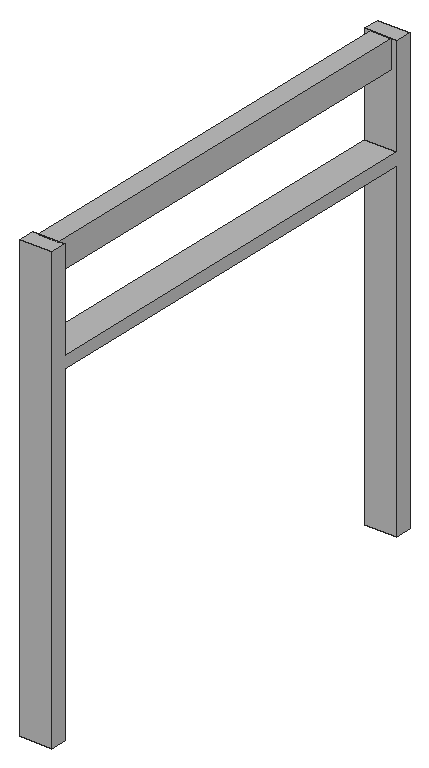
Revit family "Haworth_Worksurface_Supports", category Furniture Systems, Revit 2018
Family settings
  Round Connector Dimension = Use Diameter
  Part Type = Normal
  OmniClass Number = 23.40.70.14.64.21
  OmniClass Title = Systems Furniture
  Work Plane-Based = No
  Always vertical = Yes
  Cut with Voids When Loaded = No
  Shared = No
  Room Calculation Point = No
Parameters (values of type "Support")
  Warranty = "http://www.haworth.com/resources/product-info/warranties"
  URL - Product = "http://www.haworth.com/products/workspaces/panel-based/compose"
  Sustainability Info = "http://www.haworth.com/company-info/sustainablility"
  Support Right [instance] = and(Right Leg, or(Support Panel, Support Post_90 Degree, Support Post_45 Degree, Support P Leg, Support Column, Double Support Leg, Cantilever Bracket))  # yes
  Support Post_90 Degree = no
  Support Post_45 Degree = no
  Support Panel = not(or(Support Post_90 Degree, Support Post_45 Degree, Support P Leg, Support Column, Double Support Leg, Cantilever Bracket))  # no
  Support P Leg = no
  Support Finish = Haworth _ Paint _ Metallic Champagne
  Support Column = no
  Right Leg [instance] = yes
  No Legs [instance] = not(Right Leg)  # no
  Model = "Haworth Worksurface Supports"  # constant formula
  Min. Depth = 18"  # constant formula
  Max. Depth = 36"  # constant formula
  Height = 29"
  Width = 1 1/2"  # constant formula
  URL = "www.haworth.com"
  Support Height = Height - Table Thickness  # 27 13/16"
  Size = "Verify Final Dim. w/ Haworth"  # constant formula
  Revision Number = "1"  # constant formula
  Min. Width = 6"  # constant formula
  Max. Width = 120"  # constant formula
  Min. Height = 24"  # constant formula
  Max. Height = 48"  # constant formula
  Manufacturer = "Haworth"  # constant formula
  End Support Location = if(Support Panel, 3/4", 1 3/4")  # 1 3/4"
  Double Support Leg = yes
  Description = "Haworth - Worksurface - Supports"  # constant formula
  Depth = 30"
  Custom Size = not(and(and(not(Height > 32"), not(Height < 26")), or(Depth = 18", Depth = 24", Depth = 30"), or(Width = 24", Width = 30", Width = 36", Width = 42", Width = 48", Width = 54", Width = 60", Width = 66", Width = 72", Width = 78", Width = 84", Width = 90", Width = 96", Width = 102", Width = 108", Width = 114", Width = 120")))  # yes
  Cantilever Bracket Location = 1 3/4"  # constant formula
  Cantilever Bracket = no
  Author = "Haworth (Hampton)"  # constant formula
  Assembly Code = "E2020200"
  Actual Width = 6"  # constant formula
  Actual Height = if(Height > Max. Height, Max. Height, if(Height < Min. Height, Min. Height, Height))  # 29"
  Table Thickness = 1 3/16"  # constant formula
  Min/Max Depth = "18-36 in."  # constant formula
  Actual Depth = if(Depth > Max. Depth, Max. Depth, if(Depth < Min. Depth, Min. Depth, Depth))  # 30"
Reference planes (in)
  plane 1 "Center F/B": y = 0
  plane 2 "Floor": z = 0
  plane 3 "Center L/R": x = 0
  plane 4 "Table Edge Right": x = 6
  plane 5 "Table Edge Back": y = -15
  plane 6 "Table Edge Front": y = 15
  plane 7 "Table top": z = 29
  plane 8 "Masking Region": z = 27
Dimensions and locks (in)
  "Actual Depth": plane 6 "Table Edge Front" to plane 5 "Table Edge Back"
  "Actual Width": plane 3 "Center L/R" to plane 4 "Table Edge Right"
  equal spacing: plane 6 "Table Edge Front", plane 1 "Center F/B", plane 5 "Table Edge Back"
  "Actual Height": plane 7 "Table top" to level
  "End Support Location": nested 4 to plane 4 "Table Edge Right"
  locked: nested 2 to plane 4 "Table Edge Right" at 3
  locked: nested 2 to plane 5 "Table Edge Back" at 3
  locked: plane 6 "Table Edge Front" to nested 1 at 3
  locked: nested 1 to plane 4 "Table Edge Right" at 3
  locked: nested 3 to plane 4 "Table Edge Right" at 6
  locked: plane 7 "Table top" to plane 8 "Masking Region" at 2
  "Cantilever Bracket Location": nested 5 to plane 4 "Table Edge Right"
  aligned and locked: nested 4 to plane 1 "Center F/B"
  aligned and locked: plane 1 "Center F/B" to nested 3
  aligned and locked: plane 6 "Table Edge Front" to nested 5
  aligned: plane 4 "Table Edge Right" to nested 5
  aligned: nested 5 to plane 4 "Table Edge Right"
Nested families (in)
  nested 1: "Haworth_Worksurface-Support_Part-Leg" at (-5.5, 33.23931, 0), visible <- "Support Right", type "Support"
  nested 2: "Haworth_Worksurface-Support_Part-Leg" at (11.5, 9.23931, 0) x (-1, 0, 0) z (0, 0, 1), visible <- "Support Right", type "Support"
  nested 3: "Haworth_Worksurface-Support_Part-Round" at (0, -5.5, 0), visible <- "Support Right", type "Base"
    with Support Column no, Disc Base no
  nested 4: "Haworth_Worksurface-Support_Part-End" at (-4.25, 7.86431, 0), visible <- "Support Right", type "Support"
    with Support P Leg no, Support Double Leg yes, Back Support Location 1"
  nested 5: "Haworth_Worksurface-Support_Part-Cantilever-Compose" at (14.32813, 7.86431, 0) x (-1, 0, 0) z (0, 0, 1), visible <- "Support Right", type "Support"
    with Cantilever Bracket no
Definition of nested family "Haworth_Worksurface-Support_Part-End"
  Parameters
    Worksurface Height = 29"
    Worksurface Depth = 30"
    Warranty = ""
    URL - Product = ""
    URL = "www.haworth.com"
    Top Thickness = 1 3/16"
    Sustainability Info = ""
    Support Thickness = if(Support Panel, 1 1/2", 2")  # 2"
    Support Panel = no
    Support P Leg = yes
    Support Height = Actual Height - Top Thickness  # 27 13/16"
    Support Finish = none
    Support Double Leg = no
    Size = "Verify Final Dim. w/ Haworth"  # constant formula
    Revision Number = "1"  # constant formula
    Model = "Worksurface"
    Min/Max Height = "26-32 in."  # constant formula
    Min/Max Depth = "18-36 in."  # constant formula
    Min. Height = 20"  # constant formula
    Min. Depth = 18"  # constant formula
    Max. Height = 48"  # constant formula
    Max. Depth = 36"  # constant formula
    Manufacturer = "Haworth"  # constant formula
    Leg Support = or(Support P Leg, Support Double Leg)  # yes
    LEED Data = ""
    Description = "Worksurface Support End"  # constant formula
    Bottom Strut Thickness = 1"  # constant formula
    Bottom Strut Location = 9"  # constant formula
    Back Support Location = if(Support P Leg, 0", 1")  # 0"
    Author = "SHAPE Environments, LLC"  # constant formula
    Assembly Code = ""
    Actual Top Thickness = if(Top Thickness > 3", 3", if(Top Thickness < 1", 1", Top Thickness))  # 1 3/16"
    Actual Height = 29"
    Actual Depth = 30"
  Reference planes (in)
    plane 1: z = 0
    plane 2 "Center L/R": x = 8.5
    plane 3 "Support Left Edge": x = 7.5
    plane 4 "Support Right Edge": x = 9.5
    plane 5 "Back": y = 7.13569
    plane 6 "Front": y = -22.86431
    plane 7 "Support Top": z = 27.8125
    plane 8 "Mid Strut Top": z = 21.5625
    plane 9 "Mid Strut Bottom": z = 20.8125
    plane 10 "Top Strut Bottom": z = 26.0625
    plane 11 "Front Support Exterior": y = -21.86431
    plane 12 "Front Support Interior": y = -20.86431
    plane 13 "Back Support Interior": y = 6.13569
    plane 14 "Back Support Exterior": y = 7.13569
    plane 15 "Center F/B": y = -7.86431
  Forms (in)
    Extrusion 1, solid, material <- "Support Finish", visible <- "Support Panel"
      sketch origin (0, 0, 0) x (1, 0, 0) y (0, 1, 0)
        loop
          line (7.5, 7.13569) -> (7.5, -22.86431) -> (9.5, -22.86431) -> (9.5, 7.13569) -> (7.5, 7.13569)
      from 0 to 27.8125
    Extrusion 2, solid, material <- "Support Finish", visible <- "Support P Leg"
      sketch origin (8.5, 0, 0) x (0, 1, 0) y (0, 0, 1)
        loop
          line (7.13569, 20.8125) -> (7.13569, 27.8125) -> (6.13569, 27.8125) -> (6.13569, 21.5625) -> (-20.86431, 21.5625) -> (-20.86431, 27.8125) -> (-21.86431, 27.8125) -> (-21.86431, 0) -> (-20.86431, 0) -> (-20.86431, 20.8125) -> (7.13569, 20.8125)
      from -1 to 1
    Extrusion 3, solid, material <- "Support Finish", visible <- "Support Double Leg"
      sketch origin (8.5, 0, 0) x (0, 1, 0) y (0, 0, 1)
        loop
          line (6.13569, 20.8125) -> (6.13569, 0) -> (7.13569, 0) -> (7.13569, 27.8125) -> (6.13569, 27.8125) -> (6.13569, 21.5625) -> (-20.86431, 21.5625) -> (-20.86431, 27.8125) -> (-21.86431, 27.8125) -> (-21.86431, 0) -> (-20.86431, 0) -> (-20.86431, 20.8125) -> (6.13569, 20.8125)
      from -1 to 1
    Extrusion 4, solid, material <- "Support Finish", visible <- "Leg Support"
      sketch origin (8.5, 0, 0) x (0, 1, 0) y (0, 0, 1)
        loop
          line (6.13569, 27.8125) -> (-20.86431, 27.8125) -> (-20.86431, 26.0625) -> (6.13569, 26.0625) -> (6.13569, 27.8125)
      from -0.625 to 0.625
  Lines and regions (in)
    symbolic lines, visible <- "Support Double Leg", detail levels fine
      curve 1: line (7.5, 7.13569, 0) -> (9.5, 7.13569, 0)
      curve 6: line (7.5, -21.86431, 0) -> (7.5, 7.13569, 0)
      curve 7: line (9.5, -21.86431, 0) -> (7.5, -21.86431, 0)
      curve 8: line (9.5, 7.13569, 0) -> (9.5, -21.86431, 0)
    symbolic lines, visible <- "Support Panel", detail levels fine
      curve 2: line (7.5, -22.86431, 0) -> (7.5, 7.13569, 0)
      curve 3: line (9.5, -22.86431, 0) -> (7.5, -22.86431, 0)
      curve 4: line (9.5, 7.13569, 0) -> (9.5, -22.86431, 0)
      curve 9: line (7.5, 7.13569, 0) -> (9.5, 7.13569, 0)
    symbolic lines, visible <- "Support P Leg", detail levels fine
      curve 5: line (7.5, 7.13569, 0) -> (9.5, 7.13569, 0)
      curve 10: line (7.5, -21.86431, 0) -> (7.5, 7.13569, 0)
      curve 11: line (9.5, -21.86431, 0) -> (7.5, -21.86431, 0)
      curve 12: line (9.5, 7.13569, 0) -> (9.5, -21.86431, 0)
  Dimensions and locks (in)
    "Support Thickness": plane 3 "Support Left Edge" to plane 4 "Support Right Edge"
    equal spacing: plane 3 "Support Left Edge", plane 2 "Center L/R", plane 4 "Support Right Edge"
    "Actual Depth": plane 5 "Back" to plane 6 "Front"
    locked: plane 7 "Support Top" to plane 10 "Top Strut Bottom" at 1.75
    "Support Height": plane 7 "Support Top" to level
    "Back Support Location": plane 5 "Back" to plane 14 "Back Support Exterior"
    locked: plane 14 "Back Support Exterior" to plane 13 "Back Support Interior" at 1
    plane 12 "Front Support Interior" to plane 11 "Front Support Exterior" to plane 6 "Front" = 1" locked, 1" locked
    plane 7 "Support Top" to plane 9 "Mid Strut Bottom" = 7"
    locked: plane 8 "Mid Strut Top" to plane 9 "Mid Strut Bottom" at 0.75
    equal spacing: plane 5 "Back", plane 15 "Center F/B", plane 6 "Front"
    aligned and locked: plane 3 "Support Left Edge" to Extrusion 1 sketch curve
    aligned and locked: Extrusion 1 sketch curve to plane 5 "Back"
    aligned and locked: plane 6 "Front" to Extrusion 1 sketch curve
    aligned and locked: Extrusion 1 sketch curve to plane 4 "Support Right Edge"
    aligned and locked: plane 7 "Support Top" to Extrusion 1
    aligned: Extrusion 1 to level
    aligned and locked: Extrusion 1 to plane 7 "Support Top"
    aligned and locked: Extrusion 1 to plane 1
    aligned and locked: plane 1 to Extrusion 1
    aligned and locked: plane 9 "Mid Strut Bottom" to Extrusion 2 sketch curve
    aligned and locked: plane 8 "Mid Strut Top" to Extrusion 2 sketch curve
    aligned and locked: plane 12 "Front Support Interior" to Extrusion 2 sketch curve
    aligned and locked: plane 11 "Front Support Exterior" to Extrusion 2 sketch curve
    aligned and locked: plane 7 "Support Top" to Extrusion 2 sketch curve
    aligned and locked: level to Extrusion 2 sketch curve
    aligned and locked: plane 13 "Back Support Interior" to Extrusion 3 sketch curve
    aligned and locked: Extrusion 3 sketch curve to plane 13 "Back Support Interior"
    aligned and locked: Extrusion 3 sketch curve to plane 14 "Back Support Exterior"
    aligned and locked: Extrusion 3 sketch curve to plane 7 "Support Top"  (x2)
    aligned and locked: Extrusion 3 sketch curve to plane 11 "Front Support Exterior"
    aligned and locked: Extrusion 3 sketch curve to plane 12 "Front Support Interior"  (x2)
    aligned and locked: Extrusion 3 sketch curve to plane 9 "Mid Strut Bottom"
    aligned and locked: Extrusion 3 sketch curve to plane 8 "Mid Strut Top"
    aligned and locked: plane 3 "Support Left Edge" to Extrusion 3
    aligned and locked: plane 3 "Support Left Edge" to Extrusion 2
    aligned and locked: plane 4 "Support Right Edge" to Extrusion 3
    aligned and locked: plane 4 "Support Right Edge" to Extrusion 2
    aligned and locked: plane 13 "Back Support Interior" to Extrusion 2 sketch curve
    aligned and locked: Extrusion 2 sketch curve to plane 14 "Back Support Exterior"
    aligned and locked: plane 13 "Back Support Interior" to Extrusion 4 sketch curve
    aligned and locked: plane 10 "Top Strut Bottom" to Extrusion 4 sketch curve
    aligned and locked: plane 7 "Support Top" to Extrusion 4 sketch curve
    aligned and locked: plane 12 "Front Support Interior" to Extrusion 4 sketch curve
  Automatic sketch dimensions
    Extrusion 2 sketch curve to Extrusion 2 sketch curve = 0"
    Extrusion 2 sketch curve to plane 7 "Support Top" = 0"
    Extrusion 3 sketch curve to level = 0"  (x2)
    curve 10 to plane 3 "Support Left Edge" = 0"
    curve 7 to plane 4 "Support Right Edge" = 0"
    curve 3 to plane 6 "Front" = 0"
    plane 11 "Front Support Exterior" to curve 11 = 0"
    curve 9 to plane 5 "Back" = 0"
Definition of nested family "Haworth_Worksurface-Support_Part-Leg"
  Parameters
    Top Thickness = 1 3/16"
    Support Post Standard = no
    Support Post 45 Degree = no
    Support Height = Actual Height - Top Thickness  # 27 13/16"
    Model = "Worksurface"
    Worksurface Height = 29"
    Warranty = "www.haworth.com/en-us/Products/Pages/Certifications.aspx"
    URL - Product = "www.haworth.com/en-us/Products/Furniture/Systems/Desking-Systems/Pages/Compose.aspx"
    URL = "www.haworth.com"
    Sustainability Info = "www.haworth.com/en-us/About-Us/Sustainability/Pages/Vision.aspx"
    Support Finish = none
    Size = "Verify Final Dim. w/ Haworth"  # constant formula
    Revision Number = "1"  # constant formula
    Min/Max Height = "26-32 in."  # constant formula
    Min. Height = 20"  # constant formula
    Max. Height = 48"  # constant formula
    Manufacturer = "Haworth"  # constant formula
    LEED Data = "www.haworth.com/_layouts/Haworth.ProductCatalog/Handlers/GetAsset.ashx/ComposeLEEDContributions.pdf?cid=27&rid=1824&type=Leed"
    Description = "Worksurface Support"  # constant formula
    Author = "SHAPE Environments, LLC"  # constant formula
    Assembly Code = "E2020200"
    Actual Top Thickness = if(Top Thickness > 3", 3", if(Top Thickness < 1", 1", Top Thickness))  # 1 3/16"
    Actual Height = 29"
  Reference planes (in)
    plane 1: z = 0
    plane 2 "Center L/R": x = 8.5
    plane 3 "Support Top": z = 27.8125
    plane 4 "Center F/B": y = -21.23931
  Forms (in)
    Extrusion 1, solid, material <- "Support Finish", visible <- "Support Post Standard"
      sketch origin (0, 0, 0) x (1, 0, 0) y (0, 1, 0)
        loop
          line (7.75, -22.86431) -> (9.25, -22.86431) -> (9.25, -19.61431) -> (7.75, -19.61431) -> (7.75, -22.86431)
      from 0 to 27.8125
    Extrusion 2, solid, material <- "Support Finish", visible <- "Support Post 45 Degree"
      sketch origin (17.50805, -0.21044, 0) x (0.707107, -0.707107, 0) y (0.707107, 0.707107, 0)
        loop
          line (7.75, -22.86431) -> (9.25, -22.86431) -> (9.25, -19.61431) -> (7.75, -19.61431) -> (7.75, -22.86431)
      from 0 to 27.8125
  Lines and regions (in)
    symbolic lines, visible <- "Support Post Standard", detail levels fine
      curve 1: line (7.75, -19.61431, 0) -> (9.25, -19.61431, 0)
      curve 2: line (7.75, -22.86431, 0) -> (7.75, -19.61431, 0)
      curve 3: line (9.25, -22.86431, 0) -> (7.75, -22.86431, 0)
      curve 4: line (9.25, -19.61431, 0) -> (9.25, -22.86431, 0)
    symbolic lines, visible <- "Support Post 45 Degree", detail levels fine
      curve 5: line (6.82062, -21.85803, 0) -> (9.11872, -19.55993, 0)
      curve 6: line (9.11872, -19.55993, 0) -> (10.17938, -20.62059, 0)
      curve 7: line (10.17938, -20.62059, 0) -> (7.88128, -22.91869, 0)
      curve 8: line (7.88128, -22.91869, 0) -> (6.82062, -21.85803, 0)
  Dimensions and locks (in)
    "Support Height": plane 3 "Support Top" to level
    aligned and locked: plane 3 "Support Top" to Extrusion 1
    aligned and locked: plane 3 "Support Top" to Extrusion 2
  Automatic sketch dimensions
    Extrusion 1 sketch curve to plane 4 "Center F/B" = 1 5/8"
    plane 2 "Center L/R" to Extrusion 1 sketch curve = 3/4"
    Extrusion 1 sketch curve to plane 2 "Center L/R" = 3/4"
    plane 4 "Center F/B" to Extrusion 1 sketch curve = 1 5/8"
    plane 2 "Center L/R" to Extrusion 2 sketch curve = 0.61872"
    Extrusion 2 sketch curve to plane 4 "Center F/B" = 1.67938"
    Extrusion 2 sketch curve to Extrusion 2 sketch curve = 1 1/2"
    Extrusion 2 sketch curve to Extrusion 2 sketch curve = 3 1/4"
    plane 4 "Center F/B" to curve 5 = 0.61872"
    curve 2 to plane 2 "Center L/R" = 3/4"
    curve 2 to curve 7 = 0.13128"
    plane 2 "Center L/R" to curve 6 = 0.61872"
    curve 5 to curve 4 = 0.13128"
    curve 6 to plane 4 "Center F/B" = 0.61872"
    curve 1 to curve 6 = 0.92938"
    curve 7 to curve 2 = 0.05438"
    curve 1 to curve 5 = 0.05438"
Definition of nested family "Haworth_Worksurface-Support_Part-Round"
  Parameters
    Warranty = ""
    URL - Product = ""
    URL = "www.haworth.com"
    Support Column = yes
    Leg Height = 27 13/16"
    Disc Radius = 10 1/2"
    Disc Base = yes
    Base Finish = none
    Sustainability Info = ""
    Size = "Verify Final Dim. w/ Haworth"  # constant formula
    Revision Number = ""
    OmniClass Number = ""
    Material Options = ""
    Manufacturer = "Haworth"  # constant formula
    LEED Data = ""
    Author = "SHAPE Environments, LLC"  # constant formula
    Assembly Code = ""
  Reference planes (in)
    plane 1 "Center F/B": y = 5.5
    plane 2: z = 0
    plane 3 "Center L/R": x = 0
    plane 4 "Table Bottom": z = 27.8125
  Forms (in)
    Revolve 1, solid, material <- "Base Finish", visible <- "Disc Base"
      sketch origin (0, 5.5, 0) x (1, 0, 0) y (0, 0, 1)
        loop
          line (0, 27.8125) -> (-1.5, 27.8125) -> (-1.5, 1.25) -> (-3.53244, 1.25) -> (-4.28244, 0.5) -> (-10.5, 0.5) -> (-10.5, 0) -> (0, 0) -> (0, 27.8125)
        axis (0, 27.8125) -> (0, 0)
      angle from 0 to 360
    Revolve 2, solid, material <- "Base Finish", visible <- "Support Column"
      sketch origin (0, 5.5, 0) x (1, 0, 0) y (0, 0, 1)
        loop
          line (0, 27.8125) -> (-1.5, 27.8125) -> (-1.5, 0) -> (0, 0) -> (0, 27.8125)
        axis (0, 27.8125) -> (0, 0)
      angle from 0 to 360
  Lines and regions (in)
    symbolic lines, visible <- "Disc Base", detail levels fine
      curve 1: circle (0, 5.5, 0) r 10.5 normal (0, 0, 1)
      curve 3: circle (0, 5.5, 0) r 1.5 normal (0, 0, 1)
    symbolic lines, visible <- "Support Column", detail levels fine
      curve 2: circle (0, 5.5, 0) r 1.5 normal (0, 0, 1)
  Dimensions and locks (in)
    "Disc Radius": plane 3 "Center L/R" to Revolve 1 sketch curve
    "Leg Height": plane 4 "Table Bottom" to level
    plane 3 "Center L/R" to Revolve 1 sketch curve = 1 1/2"
    locked: plane 3 "Center L/R" to Revolve 2 sketch curve at 1.5
    aligned and locked: Revolve 1 to plane 4 "Table Bottom"  (x2)
  Automatic sketch dimensions
    Revolve 1 sketch curve to level = 0"
    Revolve 1 sketch curve to plane 4 "Table Bottom" = 0"
    Revolve 1 sketch curve to plane 3 "Center L/R" = 0"  (x2)
    Revolve 1 sketch curve to Revolve 1 sketch curve = 2.03244"
    level to Revolve 1 sketch curve = 1/2"
    Revolve 1 sketch curve to Revolve 1 sketch curve = 3/4"
    Revolve 1 sketch curve to Revolve 1 sketch curve = 6.24462"
    level to Revolve 1 sketch curve = 1 1/4"
    Revolve 1 sketch curve to Revolve 1 sketch curve = 7.21204"
    Revolve 2 sketch curve to plane 4 "Table Bottom" = 0"
    Revolve 2 sketch curve to plane 3 "Center L/R" = 0"  (x2)
    Revolve 2 sketch curve to Revolve 2 sketch curve = 6.24462"
    Revolve 2 sketch curve to Revolve 2 sketch curve = 7.21204"
    Revolve 2 sketch curve to level = 0"
    curve 1 to curve 2 = 0"  (x2)
    curve 1 to curve 3 = 0"  (x2)
    curve 2 to curve 3 = 0"  (x2)
    plane 1 "Center F/B" to curve 2 = 0"
    curve 2 to plane 3 "Center L/R" = 0"
    radius of curve 1 = 10 1/2"
    radius of curve 2 = 1 1/2"
    radius of curve 3 = 1 1/2"
Definition of nested family "Haworth_Worksurface-Support_Part-Cantilever-Compose"
  Parameters
    Worksurface Height = 29"
    Worksurface Depth = 30"
    Warranty = ""
    URL - Product = ""
    URL = "www.haworth.com"
    Top Thickness = 1 3/16"
    Sustainability Info = ""
    Support Thickness = 3/32"  # constant formula
    Support Height = Actual Height - Top Thickness  # 27 13/16"
    Support Finish = none
    Support Depth = 16"  # constant formula
    Size = "Verify Final Dim. w/ Haworth"  # constant formula
    Revision Number = "1"  # constant formula
    Model = "Worksurface"
    Standard Height = "12.75 in."  # constant formula
    Standard Depth = "15.75 in."  # constant formula
    Min. Height = 20"  # constant formula
    Min. Depth = 18"  # constant formula
    Max. Height = 48"  # constant formula
    Max. Depth = 36"  # constant formula
    Manufacturer = "Haworth"  # constant formula
    LEED Data = ""
    Description = "Worksurface Support End"  # constant formula
    Cantilever Bracket = yes
    Bottom Strut Thickness = 1"  # constant formula
    Bottom Strut Location = 9"  # constant formula
    Author = "SHAPE Environments, LLC"  # constant formula
    Assembly Code = ""
    Actual Top Thickness = if(Top Thickness > 3", 3", if(Top Thickness < 1", 1", Top Thickness))  # 1 3/16"
    Actual Height = 29"
    Actual Depth = 30"
  Reference planes (in)
    plane 1: z = 0
    plane 2 "Center L/R": x = 8.5
    plane 3 "Support Left Edge": x = 8.45312
    plane 4 "Support Right Edge": x = 8.54688
    plane 5 "Back": y = 7.13569
    plane 6 "Front": y = -8.86431
    plane 7 "Support Top": z = 27.8125
  Forms (in)
    Extrusion 1, solid, material <- "Support Finish", visible <- "Cantilever Bracket"
      sketch origin (8.45312, 0, 0) x (0, -1, 0) y (0, 0, 1)
        loop
          line (-7.13569, 27.71875) -> (-7.13569, 18.71875) -> (-6.51069, 18.71875) -> (8.86431, 27.23304) -> (8.86431, 27.71875) -> (-7.13569, 27.71875)
        loop
          line (-2.13709, 26.21875) -> (-3.85577, 26.21875)
          arc (-3.85577, 26.21875) -> (-3.91832, 26.2108) -> (-3.97688, 26.18745) r 0.25
          line (-3.97688, 26.18745) -> (-5.94171, 25.09938)
          arc (-5.94171, 25.09938) -> (-5.99206, 25.0533) -> (-6.01069, 24.98764) r 0.125
          line (-6.01069, 24.98764) -> (-6.01069, 24.06204)
          arc (-6.01069, 24.06204) -> (-5.88914, 23.84756) -> (-5.64268, 23.84164) r 0.25
          line (-5.64268, 23.84164) -> (-2.03161, 25.84136)
          arc (-2.03161, 25.84136) -> (-1.94116, 26.07007) -> (-2.13709, 26.21875) r 0.20343
      from 0 to -0.09375
    Extrusion 2, solid, material <- "Support Finish", visible <- "Cantilever Bracket"
      sketch origin (0, 0, 27.8125) x (-1, 0, 0) y (0, -1, 0)
        loop
          line (-8.45313, -6.51069) -> (-8.45312, 8.86431) -> (-10.07812, 8.86431) -> (-10.07813, -6.51069) -> (-8.45313, -6.51069)
      from 0 to -0.09375
  Cuts and joins
    joined: Extrusion 1, Extrusion 2
  Lines and regions (in)
    symbolic lines, visible <- "Cantilever Bracket", detail levels fine
      curve 1: line (8.45312, 7.13569, 0) -> (8.54688, 7.13569, 0)
      curve 2: line (8.45312, -8.86431, 0) -> (8.45312, 7.13569, 0)
      curve 3: line (10.07813, -8.86431, 0) -> (8.45312, -8.86431, 0)
      curve 4: line (8.54688, 7.13569, 0) -> (8.54688, 6.51069, 0)
      curve 5: line (8.54688, 6.51069, 0) -> (10.07813, 6.51069, 0)
      curve 6: line (10.07813, 6.51069, 0) -> (10.07813, -8.86431, 0)
  Dimensions and locks (in)
    "Support Thickness": plane 3 "Support Left Edge" to plane 4 "Support Right Edge"
    equal spacing: plane 3 "Support Left Edge", plane 2 "Center L/R", plane 4 "Support Right Edge"
    "Support Depth": plane 5 "Back" to plane 6 "Front"
    "Support Height": plane 7 "Support Top" to level
    locked: Extrusion 1 sketch curve to Extrusion 1 sketch curve at 9
    locked: Extrusion 1 sketch curve to Extrusion 1 sketch curve at 1.125
    locked: Extrusion 1 sketch curve to Extrusion 1 sketch curve at 1.5
    aligned and locked: plane 4 "Support Right Edge" to Extrusion 1
    aligned and locked: plane 7 "Support Top" to Extrusion 2
  Automatic sketch dimensions
    Extrusion 2 sketch curve to plane 6 "Front" = 0"
    Extrusion 2 sketch curve to plane 3 "Support Left Edge" = 0"
    plane 4 "Support Right Edge" to Extrusion 2 sketch curve = 1 17/32"
    Extrusion 2 sketch curve to plane 5 "Back" = 5/8"
    Extrusion 1 sketch curve to plane 5 "Back" = 0"
    Extrusion 1 sketch curve to plane 6 "Front" = 0"
    Extrusion 1 sketch curve to plane 5 "Back" = 5/8"
    Extrusion 1 sketch curve to Extrusion 1 sketch curve = 0.06898"
    Extrusion 1 sketch curve to Extrusion 1 sketch curve = 1/8"
    Extrusion 1 sketch curve to Extrusion 1 sketch curve = 1/4"  (x2)
    Extrusion 1 sketch curve to Extrusion 1 sketch curve = 0.11801"
    Extrusion 1 sketch curve to Extrusion 1 sketch curve = 1 247/256"
    Extrusion 1 sketch curve to Extrusion 1 sketch curve = 31/256"
    Extrusion 1 sketch curve to Extrusion 1 sketch curve = 1.71868"
    Extrusion 1 sketch curve to Extrusion 1 sketch curve = 27/256"
    Extrusion 1 sketch curve to plane 7 "Support Top" = 9 3/32"
    Extrusion 1 sketch curve to Extrusion 1 sketch curve = 2.37711"
    Extrusion 1 sketch curve to Extrusion 1 sketch curve = 0.9256"
    Extrusion 1 sketch curve to Extrusion 1 sketch curve = 0.37739"
    Extrusion 1 sketch curve to Extrusion 1 sketch curve = 0.48571"
    curve 3 to plane 3 "Support Left Edge" = 0"
    curve 1 to plane 4 "Support Right Edge" = 0"
    curve 6 to plane 6 "Front" = 0"
    curve 4 to plane 5 "Back" = 0"
    curve 6 to plane 5 "Back" = 5/8"
    plane 4 "Support Right Edge" to curve 6 = 1 17/32"
